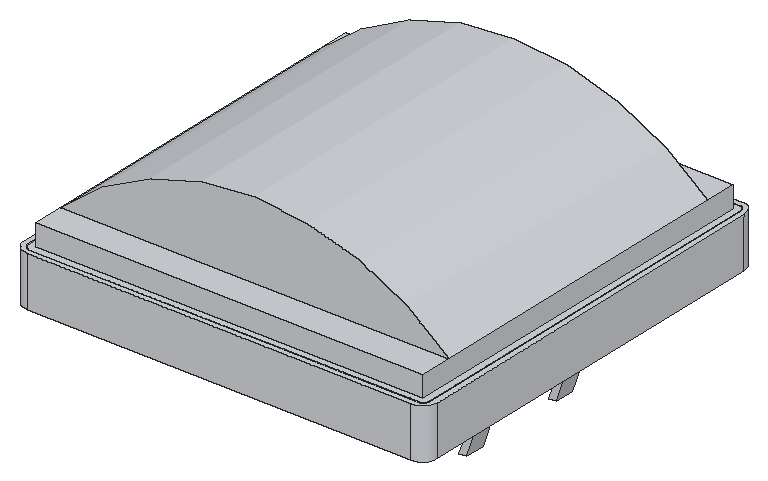
Revit family "Gira_5373600", category Electrical Fixtures, host Face, Revit 2017
Family settings
  Host = Face
  Maintain Annotation Orientation = Yes
  Round Connector Dimension = Use Diameter
  Part Type = Normal
  Cut with Voids When Loaded = No
  Shared = No
  Room Calculation Point = No
Parameters (values of type "S3000 Beweg.m.aufs. 1,10 m Standard System 55 Edelstahl(lack.)")
  Werkstoffgüte = "sonstige"
  Werkstoff = "sonstige"
  URL = "http://katalog.gira.de/de_DE/datenblatt.html?artikelnr=5373600"
  Region = "DE"
  Name = "S3000 Beweg.m.aufs. 1,10 m Standard System 55 Edelstahl(lack.)"
  Montagehöhe = "1,1 m"
  Montageart = "unter Putz"
  Manufacturer URL = "https://www.gira.de/"
  Keynote = "Bewegungsmelder_1,10m"
  HeinzeBIM = "https://bimportal.heinze.de/bim/s3000-beweg-m-aufs-1-10-m-standard-system-55-edelstahl-lack-/be5acad0a136b418682be106ad8a421ff9868903"
  Halogenfrei = "No"
  HAN = "5373600"
  Geeignet für Schutzart (IP) = "IP22"
  GTIN = "4010337049999"
  Default Elevation = 1219.2 mm
  Data sheet (1) = "https://katalog.gira.de/de_DE/download.html?artikelnr=5373600"
  Category = "Bewegungsmelder-Sensor"
  Available = "Yes"
  Ausführung = "Bewegungsmelder"
Reference planes
  plane 1 "Center (Front/Back)": y = 0
  plane 2: z = 0
  plane 3 "Center (Left/Right)": x = 0
Forms (mm)
  Extrusion 1, solid, detail levels fine
    sketch origin (0, 0, 0) x (1, 0, 0) y (0, 0, 1)
      loop
        line (-33.025, 12.126) -> (33.025, 12.126)
        arc (33.025, 12.126) -> (0, 25.3) -> (-33.025, 12.126) r 47.982
    from -27.6 to 27.6
  Extrusion 2, solid, detail levels fine
    sketch origin (0, 0, 0) x (1, 0, 0) y (0, 1, 0)
      loop
        line (33.025, 33.025) -> (-33.025, 33.025) -> (-33.025, -33.025) -> (33.025, -33.025) -> (33.025, 33.025)
    from 8.55 to 12.126
  Extrusion 3, solid, detail levels fine
    sketch origin (0, 0, 0) x (1, 0, 0) y (0, 1, 0)
      loop
        spline (-32.7, 35.2) -> (-33.027, 35.179) -> (-33.347, 35.115) -> (-33.657, 35.01) -> (-33.95, 34.865) -> (-34.222, 34.683) -> (-34.468, 34.468) -> (-34.683, 34.222) -> (-34.865, 33.95) -> (-35.01, 33.657) -> (-35.115, 33.347) -> (-35.179, 33.027) -> (-35.2, 32.7)
        line (-35.2, 32.7) -> (-35.2, -32.7)
        spline (-35.2, -32.7) -> (-35.179, -33.027) -> (-35.115, -33.347) -> (-35.01, -33.657) -> (-34.865, -33.95) -> (-34.683, -34.222) -> (-34.468, -34.468) -> (-34.222, -34.683) -> (-33.95, -34.865) -> (-33.657, -35.01) -> (-33.347, -35.115) -> (-33.027, -35.179) -> (-32.7, -35.2)
        line (-32.7, -35.2) -> (32.7, -35.2)
        spline (32.7, -35.2) -> (33.027, -35.179) -> (33.347, -35.115) -> (33.657, -35.01) -> (33.95, -34.865) -> (34.222, -34.683) -> (34.468, -34.468) -> (34.683, -34.222) -> (34.865, -33.95) -> (35.01, -33.657) -> (35.115, -33.347) -> (35.179, -33.027) -> (35.2, -32.7)
        line (35.2, -32.7) -> (35.2, 32.7)
        spline (35.2, 32.7) -> (35.179, 33.027) -> (35.115, 33.347) -> (35.01, 33.657) -> (34.865, 33.95) -> (34.683, 34.222) -> (34.468, 34.468) -> (34.222, 34.683) -> (33.95, 34.865) -> (33.657, 35.01) -> (33.347, 35.115) -> (33.027, 35.179) -> (32.7, 35.2)
        line (32.7, 35.2) -> (-32.7, 35.2)
      loop
        line (-34.2, 33.2) -> (-34.2, -33.2)
        spline (-34.2, -33.2) -> (-34.191, -33.331) -> (-34.166, -33.459) -> (-34.124, -33.583) -> (-34.066, -33.7) -> (-33.993, -33.809) -> (-33.907, -33.907) -> (-33.809, -33.993) -> (-33.7, -34.066) -> (-33.583, -34.124) -> (-33.459, -34.166) -> (-33.331, -34.191) -> (-33.2, -34.2)
        line (-33.2, -34.2) -> (33.2, -34.2)
        spline (33.2, -34.2) -> (33.331, -34.191) -> (33.459, -34.166) -> (33.583, -34.124) -> (33.7, -34.066) -> (33.809, -33.993) -> (33.907, -33.907) -> (33.993, -33.809) -> (34.066, -33.7) -> (34.124, -33.583) -> (34.166, -33.459) -> (34.191, -33.331) -> (34.2, -33.2)
        line (34.2, -33.2) -> (34.2, 33.2)
        spline (34.2, 33.2) -> (34.191, 33.331) -> (34.166, 33.459) -> (34.124, 33.583) -> (34.066, 33.7) -> (33.993, 33.809) -> (33.907, 33.907) -> (33.809, 33.993) -> (33.7, 34.066) -> (33.583, 34.124) -> (33.459, 34.166) -> (33.331, 34.191) -> (33.2, 34.2)
        line (33.2, 34.2) -> (-33.2, 34.2)
        spline (-33.2, 34.2) -> (-33.331, 34.191) -> (-33.459, 34.166) -> (-33.583, 34.124) -> (-33.7, 34.066) -> (-33.809, 33.993) -> (-33.907, 33.907) -> (-33.993, 33.809) -> (-34.066, 33.7) -> (-34.124, 33.583) -> (-34.166, 33.459) -> (-34.191, 33.331) -> (-34.2, 33.2)
    from 0 to 8.55
  Extrusion 4, solid, detail levels fine
    sketch origin (0, 0, 0) x (1, 0, 0) y (0, 1, 0)
      loop
        line (-34.2, 33.2) -> (-34.2, -33.2)
        spline (-34.2, -33.2) -> (-34.191, -33.331) -> (-34.166, -33.459) -> (-34.124, -33.583) -> (-34.066, -33.7) -> (-33.993, -33.809) -> (-33.907, -33.907) -> (-33.809, -33.993) -> (-33.7, -34.066) -> (-33.583, -34.124) -> (-33.459, -34.166) -> (-33.331, -34.191) -> (-33.2, -34.2)
        line (-33.2, -34.2) -> (33.2, -34.2)
        spline (33.2, -34.2) -> (33.331, -34.191) -> (33.459, -34.166) -> (33.583, -34.124) -> (33.7, -34.066) -> (33.809, -33.993) -> (33.907, -33.907) -> (33.993, -33.809) -> (34.066, -33.7) -> (34.124, -33.583) -> (34.166, -33.459) -> (34.191, -33.331) -> (34.2, -33.2)
        line (34.2, -33.2) -> (34.2, 33.2)
        spline (34.2, 33.2) -> (34.191, 33.331) -> (34.166, 33.459) -> (34.124, 33.583) -> (34.066, 33.7) -> (33.993, 33.809) -> (33.907, 33.907) -> (33.809, 33.993) -> (33.7, 34.066) -> (33.583, 34.124) -> (33.459, 34.166) -> (33.331, 34.191) -> (33.2, 34.2)
        line (33.2, 34.2) -> (-33.2, 34.2)
        spline (-33.2, 34.2) -> (-33.331, 34.191) -> (-33.459, 34.166) -> (-33.583, 34.124) -> (-33.7, 34.066) -> (-33.809, 33.993) -> (-33.907, 33.907) -> (-33.993, 33.809) -> (-34.066, 33.7) -> (-34.124, 33.583) -> (-34.166, 33.459) -> (-34.191, 33.331) -> (-34.2, 33.2)
    from 6.175 to 8.55
  Extrusion 5, solid, detail levels fine
    sketch origin (0, 0, 0) x (1, 0, 0) y (0, 1, 0)
      loop
        spline (-27.7, -27.1) -> (-27.696, -27.165) -> (-27.683, -27.229) -> (-27.662, -27.291) -> (-27.633, -27.35) -> (-27.597, -27.404) -> (-27.554, -27.454) -> (-27.504, -27.497) -> (-27.45, -27.533) -> (-27.391, -27.562) -> (-27.329, -27.583) -> (-27.265, -27.596) -> (-27.2, -27.6)
        line (-27.2, -27.6) -> (27.2, -27.6)
        spline (27.2, -27.6) -> (27.265, -27.596) -> (27.329, -27.583) -> (27.391, -27.562) -> (27.45, -27.533) -> (27.504, -27.497) -> (27.554, -27.454) -> (27.597, -27.404) -> (27.633, -27.35) -> (27.662, -27.291) -> (27.683, -27.229) -> (27.696, -27.165) -> (27.7, -27.1)
        line (27.7, -27.1) -> (27.7, 27.1)
        spline (27.7, 27.1) -> (27.696, 27.165) -> (27.683, 27.229) -> (27.662, 27.291) -> (27.633, 27.35) -> (27.597, 27.404) -> (27.554, 27.454) -> (27.504, 27.497) -> (27.45, 27.533) -> (27.391, 27.562) -> (27.329, 27.583) -> (27.265, 27.596) -> (27.2, 27.6)
        line (27.2, 27.6) -> (-27.2, 27.6)
        spline (-27.2, 27.6) -> (-27.265, 27.596) -> (-27.329, 27.583) -> (-27.391, 27.562) -> (-27.45, 27.533) -> (-27.504, 27.497) -> (-27.554, 27.454) -> (-27.597, 27.404) -> (-27.633, 27.35) -> (-27.662, 27.291) -> (-27.683, 27.229) -> (-27.696, 27.165) -> (-27.7, 27.1)
        line (-27.7, 27.1) -> (-27.7, -27.1)
      loop
        line (26.9, 26.8) -> (-26.9, 26.8) -> (-26.9, -26.8) -> (26.9, -26.8) -> (26.9, 26.8)
    from 0 to 6.175
  Extrusion 6, solid, detail levels fine
    sketch origin (0, 0, 0) x (1, 0, 0) y (0, 1, 0)
      loop
        line (-15.4, -23.928) -> (15.4, -23.928)
        arc (15.4, -23.928) -> (21.43, -21.43) -> (23.928, -15.4) r 8.528
        line (23.928, -15.4) -> (23.928, 15.4)
        arc (23.928, 15.4) -> (21.43, 21.43) -> (15.4, 23.928) r 8.528
        line (15.4, 23.928) -> (-15.4, 23.928)
        arc (-15.4, 23.928) -> (-21.43, 21.43) -> (-23.928, 15.4) r 8.528
        line (-23.928, 15.4) -> (-23.928, -15.4)
        arc (-23.928, -15.4) -> (-21.43, -21.43) -> (-15.4, -23.928) r 8.528
    from -0.985 to 1.6
  Extrusion 7, solid, detail levels fine
    sketch origin (0, 0, 0) x (1, 0, 0) y (0, 1, 0)
      loop
        line (-26.35, 18.301) -> (-26.35, -18.801)
        spline (-26.35, -18.801) -> (-26.286, -19.78) -> (-26.095, -20.742) -> (-25.779, -21.671) -> (-25.345, -22.551) -> (-24.8, -23.366) -> (-24.154, -24.104) -> (-23.416, -24.75) -> (-22.601, -25.295) -> (-21.721, -25.729) -> (-20.792, -26.045) -> (-19.83, -26.236) -> (-18.851, -26.3)
        line (-18.851, -26.3) -> (18.851, -26.3)
        spline (18.851, -26.3) -> (19.83, -26.236) -> (20.792, -26.045) -> (21.721, -25.729) -> (22.601, -25.295) -> (23.416, -24.75) -> (24.154, -24.104) -> (24.8, -23.366) -> (25.345, -22.551) -> (25.779, -21.671) -> (26.094, -20.742) -> (26.286, -19.78) -> (26.35, -18.801)
        line (26.35, -18.801) -> (26.35, 18.301)
        spline (26.35, 18.301) -> (26.286, 19.28) -> (26.094, 20.242) -> (25.779, 21.171) -> (25.345, 22.051) -> (24.8, 22.866) -> (24.154, 23.604) -> (23.416, 24.25) -> (22.601, 24.795) -> (21.721, 25.229) -> (20.792, 25.545) -> (19.83, 25.736) -> (18.851, 25.8)
        line (18.851, 25.8) -> (-18.851, 25.8)
        spline (-18.851, 25.8) -> (-19.83, 25.736) -> (-20.792, 25.545) -> (-21.721, 25.229) -> (-22.601, 24.795) -> (-23.416, 24.25) -> (-24.154, 23.604) -> (-24.8, 22.866) -> (-25.345, 22.051) -> (-25.779, 21.171) -> (-26.095, 20.242) -> (-26.286, 19.28) -> (-26.35, 18.301)
    from 1.6 to 6.1
  Extrusion 8, solid, detail levels fine
    sketch origin (0, 0, 0) x (1, 0, 0) y (0, 0, 1)
      loop
        line (-23.048, -13.343) -> (-21.665, -13.513) -> (-24.338, -6.363) -> (-23.36, 1.6) -> (-25.023, 1.6) -> (-24.975, -1.121) -> (-25.39, -6.541) -> (-23.048, -13.343)
      loop
        line (23.048, -13.343) -> (25.39, -6.541) -> (24.975, -1.121) -> (25.023, 1.6) -> (23.36, 1.6) -> (24.338, -6.363) -> (21.665, -13.513) -> (23.048, -13.343)
    from 7.9 to 11.14
  Extrusion 9, solid, detail levels fine
    sketch origin (0, 0, 0) x (1, 0, 0) y (0, 0, -1)
      loop
        line (-23.048, 13.343) -> (-25.39, 6.541) -> (-24.975, 1.121) -> (-25.023, -1.6) -> (-23.36, -1.6) -> (-24.338, 6.363) -> (-21.665, 13.513) -> (-23.048, 13.343)
      loop
        line (23.048, 13.343) -> (21.665, 13.513) -> (24.338, 6.363) -> (23.36, -1.6) -> (25.023, -1.6) -> (24.975, 1.121) -> (25.39, 6.541) -> (23.048, 13.343)
    from 7.9 to 11.14
  Extrusion 10, solid, detail levels fine
    sketch origin (0, 0, 0) x (1, 0, 0) y (0, 1, 0)
      loop
        line (-5.141, 20.681) -> (-5.141, 15.099)
        spline (-5.141, 15.099) -> (-5.133, 14.968) -> (-5.107, 14.84) -> (-5.065, 14.716) -> (-5.007, 14.599) -> (-4.935, 14.49) -> (-4.849, 14.391) -> (-4.75, 14.305) -> (-4.641, 14.233) -> (-4.524, 14.175) -> (-4.4, 14.133) -> (-4.272, 14.107) -> (-4.141, 14.099)
        line (-4.141, 14.099) -> (4.141, 14.099)
        spline (4.141, 14.099) -> (4.272, 14.107) -> (4.4, 14.133) -> (4.524, 14.175) -> (4.641, 14.233) -> (4.75, 14.305) -> (4.849, 14.391) -> (4.935, 14.49) -> (5.007, 14.599) -> (5.065, 14.716) -> (5.107, 14.84) -> (5.133, 14.968) -> (5.141, 15.099)
        line (5.141, 15.099) -> (5.141, 20.681)
        spline (5.141, 20.681) -> (5.133, 20.812) -> (5.107, 20.94) -> (5.065, 21.064) -> (5.007, 21.181) -> (4.935, 21.29) -> (4.849, 21.389) -> (4.75, 21.475) -> (4.641, 21.547) -> (4.524, 21.605) -> (4.4, 21.647) -> (4.272, 21.673) -> (4.141, 21.681)
        line (4.141, 21.681) -> (-4.141, 21.681)
        spline (-4.141, 21.681) -> (-4.272, 21.673) -> (-4.4, 21.647) -> (-4.524, 21.605) -> (-4.641, 21.547) -> (-4.75, 21.475) -> (-4.849, 21.389) -> (-4.935, 21.29) -> (-5.007, 21.181) -> (-5.065, 21.064) -> (-5.107, 20.94) -> (-5.133, 20.812) -> (-5.141, 20.681)
    from -17.3 to -0.985
  Extrusion 11, solid, detail levels medium
    sketch origin (0, 0, 0) x (1, 0, 0) y (0, 1, 0)
      loop
        line (33.025, 33.025) -> (-33.025, 33.025) -> (-33.025, -33.025) -> (33.025, -33.025) -> (33.025, 33.025)
    from 8.55 to 25.3
  Extrusion 12, solid, detail levels medium
    sketch origin (0, 0, 0) x (1, 0, 0) y (0, 1, 0)
      loop
        line (-35.2, 35.2) -> (-35.2, -35.2) -> (35.2, -35.2) -> (35.2, 35.2) -> (-35.2, 35.2)
    from 0 to 8.55
  Extrusion 13, solid, detail levels medium
    sketch origin (0, 0, 0) x (1, 0, 0) y (0, 0, 1)
      loop
        line (-25.023, 1.6) -> (-25.023, -13.1) -> (-21.665, -13.513) -> (-21.665, 1.6) -> (-25.023, 1.6)
      loop
        line (25.023, 1.6) -> (21.665, 1.6) -> (21.665, -13.513) -> (25.023, -13.1) -> (25.023, 1.6)
    from 8 to 11.14
  Extrusion 14, solid, detail levels medium
    sketch origin (0, 0, 0) x (1, 0, 0) y (0, 0, -1)
      loop
        line (-25.023, -1.6) -> (-21.665, -1.6) -> (-21.665, 13.513) -> (-25.023, 13.1) -> (-25.023, -1.6)
      loop
        line (25.023, -1.6) -> (25.023, 13.1) -> (21.665, 13.513) -> (21.665, -1.6) -> (25.023, -1.6)
    from 8 to 11.14
  Extrusion 15, solid, detail levels medium
    sketch origin (0, 0, 0) x (1, 0, 0) y (0, 1, 0)
      loop
        line (-5.141, 21.681) -> (-5.141, 14.099) -> (5.141, 14.099) -> (5.141, 21.681) -> (-5.141, 21.681)
    from -17.3 to -0.985
  Extrusion 16, solid, detail levels coarse
    sketch origin (0, 0, 0) x (1, 0, 0) y (0, 1, 0)
      loop
        line (-35.2, 35.2) -> (-35.2, -35.2) -> (35.2, -35.2) -> (35.2, 35.2) -> (-35.2, 35.2)
    from -17.3 to 25.3
Dimensions and locks
  aligned and locked: plane 2 to host face
  aligned and locked: level to host face
  aligned and locked: nested 1 to plane 3 "Center (Left/Right)"
  aligned and locked: plane 1 "Center (Front/Back)" to nested 1
Nested families
  nested 1: "Belegungssensor - Bewegung - Aufputz - Beschriftung" at (0, 0, 0) x (0, -1, 0) z (0, 0, 1), type "Belegungssensor - Bewegung - Aufputz - Beschriftung"
Connectors
  electrical at (0, 0, -17.3)
    settings: on Extrusion 16, index 1, voltage 220 V, apparent load 0 VA, apparent load phase1 0 VA, apparent load phase2 0 VA, apparent load phase3 0 VA, power factor 1, load classification "Other", number of poles 1, system type 30, power factor state 1, is connector primary yes, connector utility no, sub classification motor no, connector description ""
Definition of nested family "Belegungssensor - Bewegung - Aufputz - Beschriftung"
  Reference planes
    plane 1: y = 0
    plane 2: x = 0
  Lines and regions (mm)
    Filled region 1, type "Gefüllter Bereich 1"
      outline origin (143.425, -20.712, 0) x (1, 0, 0) y (0, 1, 0)
        loop
          line (-148.697, 21.204) -> (-148.697, 20.409) -> (-147.583, 20.807) -> (-148.697, 21.204)
    Filled region 2, type "Gefüllter Bereich 1"
      outline origin (141.808, 30.001, 0) x (0.939693, 0.34202, 0) y (-0.34202, 0.939693, 0)
        loop
          line (-148.694, 21.203) -> (-148.694, 20.41) -> (-147.583, 20.807) -> (-148.694, 21.203)
    Filled region 3, type "Gefüllter Bereich 1"
      outline origin (141.819, -29.825, 0) x (-0.34202, -0.939693, 0) y (0.939693, -0.34202, 0)
        loop
          line (21.204, -148.697) -> (20.807, -147.583) -> (20.409, -148.697) -> (21.204, -148.697)
    detail lines
      curve 1: line (-1.207, 0.095, 0) -> (-3.486, 1.411, 0)
      curve 2: line (-1.207, 0.095, 0) -> (-3.486, -1.221, 0)
      curve 5: arc (-3.252, 1.752, 0) -> (-3.839, 0.095, 0) -> (-3.252, -1.562, 0) r 2.632
      curve 6: line (-6, 3, 0) -> (0, 3, 0)
      curve 7: line (-6, -3, 0) -> (-6, 3, 0)
      curve 8: line (0, -3, 0) -> (-6, -3, 0)
      curve 9: line (0, 3, 0) -> (0, -3, 0)
    reference lines
      curve 3: line (-1.207, 0.095, 0) -> (-3.616, 2.046, 0)
      curve 4: line (-1.207, 0.095, 0) -> (-3.616, -1.856, 0)
  Dimensions and locks
    curve 1 to curve 1 = 2.632 mm
    curve 2 to curve 2 = 2.632 mm
    curve 6 to curve 8 = 6 mm
    curve 7 to curve 9 = 6 mm
    angle curve 1 to curve 2 = 60.00°
    aligned and locked: curve 6 to curve 7
    aligned and locked: curve 9 to curve 9
